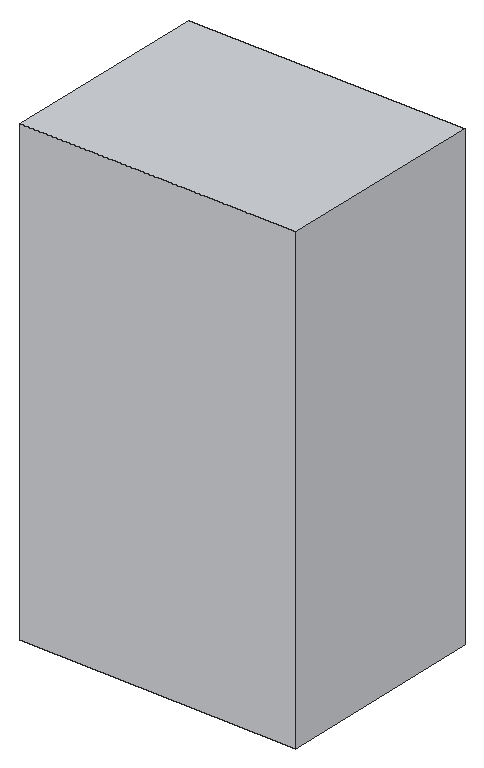
Revit family
Parameters
  Warranty Duration (Years) = 0
  URL = "http://www.americanspecialties.com/viewCategories.cfm"
  Trim Material = Metal - Aluminum
  Test Data = ""
  Specification = "http://www.arcat.com/sdspecs/htm/10810asi.htm"
  SpecWizard = ""
  Send Message = "http://www.arcat.com/users.pl?action=UserEmail&company=American%20Specialties,%20Inc.&coid=30448&rep=139&fax=914-476-0688&mf="
  Sales Information = "http://www.americanspecialties.com/contact"
  Revision = "R1_10-2010"
  Product Properties = "http://www.americanspecialties.com/datasheets/0263-12.pdf"
  Product Data = "http://www.arcat.com/arcatcos/cos30/arc30448.html"
  Model = "As Specified in 10 28 13"
  Manufacturer Website = "http://www.americanspecialties.com/viewCategories.cfm"
  Manufacturer Phone - Toll Free = ""
  Manufacturer Phone = "914-476-9000 "
  Manufacturer Fax = "914-476-0688"
  Manufacturer Address = "441 Saw Mill River Rd., Yonkers, NY 10701"
  Manufacturer = "American Specialties, Inc."
  Maintenance Schedule (Months) = 0
  Keynote = "10 28 13"
  Installation-Fabrication = "http://www.americanspecialties.com/products.cfm"
  Green Building-LEED = ""
  Expected Lifespan (Years) = 0
  Drawn By = "Robert S. Weygant. CSI, CDT, SCIP"  # constant formula
  Description = "Toilet Accessory as Specified in 10 28 13"
  Body Material = Metal - Aluminum
  Default Elevation = 4' - 0"
  Copyright = "©Arcat Inc."
  Construction Details = "http://www.arcat.com/green/clients/leed_data_30448.html"
  Building Codes = "http://www.americanspecialties.com/products.cfm"
  Assembly Code = "C1030210"
Reference planes (in)
  plane 1 "Floor Line": z = 0
  plane 2 "Center (Left/Right)": x = -0.65843
  plane 3: y = 0.08388
  plane 4: x = -3.90843
  plane 5: x = 2.59157
Forms (in)
  Extrusion 1, solid
    sketch origin (-3.65843, -10.3328, -6) x (0, 0, -1) y (1, 0, 0)
      loop
        line (-82, 26) -> (-82, -19.34712) -> (-6, -19.34712) -> (-6, 26) -> (-82, 26)
    from 9 to -25.60721
  Extrusion 2, solid, material "Metal - Aluminum" <- "Body Material"
    sketch origin (-0.65843, -1.25, 0.0625) x (0, 1, 0) y (0, 0, 1)
      loop
        line (1.45888, 0) -> (1.45888, 3.96999)
        arc (1.45888, 3.96999) -> (1.45004, 3.98612) -> (1.43169, 3.98732) r 0.01912
        line (1.43169, 3.98732) -> (1.05702, 3.81261)
        arc (1.05702, 3.81261) -> (1.03196, 3.79139) -> (1.02113, 3.76038) r 0.06243
        line (1.02113, 3.76038) -> (0.81134, 0.76024)
        arc (0.81134, 0.76024) -> (0.64864, 0.44093) -> (0.31408, 0.3125) r 0.5
        line (0.31408, 0.3125) -> (-0.16726, 0.3125)
        arc (-0.16726, 0.3125) -> (-0.25484, 0.27622) -> (-0.29112, 0.18864) r 0.12386
        line (-0.29112, 0.18864) -> (-0.29112, 0) -> (1.45888, 0)
    from -3.25 to 3.25
  Extrusion 3, void
    sketch origin (3.25071, -1.54112, 0.0625) x (1, 0, 0) y (0, 0, 1)
      loop
        line (-6.76214, 4) -> (-6.33952, 0.99291)
        arc (-6.33952, 0.99291) -> (-6.17241, 0.68515) -> (-5.84438, 0.5625) r 0.5
        line (-5.84438, 0.5625) -> (-1.9739, 0.5625)
        arc (-1.9739, 0.5625) -> (-1.64587, 0.68515) -> (-1.47877, 0.99291) r 0.5
        line (-1.47877, 0.99291) -> (-1.05615, 4) -> (-6.76214, 4)
    from -1.75 to -1.06286
  Extrusion 4, void
    sketch origin (3, -1.5, 0) x (1, 0, 0) y (0, 1, 0)
      loop
        line (-6.90843, 0.45888) -> (-7.28343, 0.45888) -> (-7.28343, -0.41612) -> (-6.40843, -0.41612) -> (-6.40843, -0.04112)
        arc (-6.40843, -0.04112) -> (-6.76199, 0.10533) -> (-6.90843, 0.45888) r 0.5
      loop
        arc (-0.40843, 0.45888) -> (-0.55488, 0.10533) -> (-0.90843, -0.04112) r 0.5
        line (-0.90843, -0.04112) -> (-0.90843, -0.41612) -> (-0.03343, -0.41612) -> (-0.03343, 0.45888) -> (-0.40843, 0.45888)
    from 0 to 0.375
  Extrusion 5, solid, material "Metal - Aluminum" <- "Body Material"
    sketch origin (2.51422, -1.13894, -0.23226) x (0, 1, 0) y (0, 0, 1)
      loop
        spline (1.95944, 4) -> (1.92384, 4.19411) -> (1.81948, 4.375) -> (1.65348, 4.53033) -> (1.43713, 4.64952) -> (1.18519, 4.72444) -> (0.91482, 4.75) -> (0.64446, 4.72444) -> (0.39252, 4.64952) -> (0.17617, 4.53033) -> (0.01016, 4.375) -> (-0.0942, 4.19411) -> (-0.12979, 4)
        spline (-0.12979, 4) -> (-0.0942, 3.80589) -> (0.01016, 3.625) -> (0.17617, 3.46967) -> (0.39252, 3.35048) -> (0.64446, 3.27556) -> (0.91482, 3.25) -> (1.18519, 3.27556) -> (1.43713, 3.35048) -> (1.65348, 3.46967) -> (1.81948, 3.625) -> (1.92384, 3.80589) -> (1.95944, 4)
    from -5.42438 to -0.54938
  Revolve 6, solid, material "Metal - Aluminum" <- "Body Material"
    sketch origin (3.37328, 3.59931, 3.70524) x (0, -1, 0) y (1, 0, 0)
      loop
        line (3.51543, -6.92184) -> (3.66895, -6.92184) -> (3.66895, -6.65843) -> (3.71482, -6.65843) -> (3.71482, -6.40843) -> (3.51543, -6.40843) -> (3.51543, -6.92184)
      axis (3.51543, -6.92184) -> (3.51543, -6.40843)
    angle from 0 to 360
  Extrusion 7, solid, material "Metal - Aluminum" <- "Body Material"
    sketch origin (8.51422, -1.13894, -0.23226) x (0, 1, 0) y (0, 0, 1)
      loop
        line (0.31251, 3.12587) -> (1.79625, 3.12587)
        arc (1.79625, 3.12587) -> (2.04286, 3.19092) -> (2.22531, 3.36914) r 0.5
        arc (2.22531, 3.36914) -> (2.39988, 4.00087) -> (2.22531, 4.6326) r 1.23034
        arc (2.22531, 4.6326) -> (2.04286, 4.81082) -> (1.79625, 4.87587) r 0.5
        line (1.79625, 4.87587) -> (0.31251, 4.87587)
        arc (0.31251, 4.87587) -> (0.0659, 4.81082) -> (-0.11655, 4.6326) r 0.5
        arc (-0.11655, 4.6326) -> (-0.29112, 4.00087) -> (-0.11655, 3.36914) r 1.23034
        arc (-0.11655, 3.36914) -> (0.0659, 3.19092) -> (0.31251, 3.12587) r 0.5
    from -11.54938 to -11.42438
  Extrusion 8, void
    sketch origin (3.37328, 0, 0.0625) x (1, 0, 0) y (0, 1, 0)
      loop
        line (-5.99175, 0.49833) -> (-5.99175, -1.00167) -> (-4.74175, -1.00167) -> (-4.74175, 0.49833) -> (-5.99175, 0.49833)
      loop
        line (-1.99175, -1.00167) -> (-1.99175, 0.49833) -> (-3.24175, 0.49833) -> (-3.24175, -1.00167) -> (-1.99175, -1.00167)
      loop
        line (-4.61675, -1.00167) -> (-3.36675, -1.00167) -> (-3.36675, 0.49833) -> (-4.61675, 0.49833) -> (-4.61675, -1.00167)
    from 2.8311 to 4.5811
  Extrusion 9, solid, material "Metal - Aluminum" <- "Body Material"
    sketch origin (-3.95179, 5.38295, 2.37135) x (0, 0, 1) y (0, -1, 0)
      loop
        circle (1.3339, 5.29907) r 0.09463
    from 3.56483 to 6.35204
  Extrusion 10, solid, material "Metal - Aluminum" <- "Body Material"
    sketch origin (-6.31405, 5.38295, 2.37135) x (0, 0, 1) y (0, -1, 0)
      loop
        circle (1.3339, 5.29907) r 0.09463
    from 3.69558 to 5.14775
  Extrusion 11, void
    sketch origin (0, 0, 0) x (1, 0, 0) y (0, 1, 0)
      loop
        line (-2.70388, -0.16612) -> (-2.07888, -0.16612)
        arc (-2.07888, -0.16612) -> (-2.01638, -0.10362) -> (-2.07888, -0.04112) r 0.0625
        line (-2.07888, -0.04112) -> (-2.70388, -0.04112)
        arc (-2.70388, -0.04112) -> (-2.76638, -0.10362) -> (-2.70388, -0.16612) r 0.0625
      loop
        arc (1.38701, -0.16612) -> (1.44951, -0.10362) -> (1.38701, -0.04112) r 0.0625
        line (1.38701, -0.04112) -> (0.76201, -0.04112)
        arc (0.76201, -0.04112) -> (0.69951, -0.10362) -> (0.76201, -0.16612) r 0.0625
        line (0.76201, -0.16612) -> (1.38701, -0.16612)
    from -0.18051 to 1.80939
Cuts and joins
  Extrusion 3, Extrusion 4, Extrusion 8, Extrusion 11 cuts Extrusion 2
  Extrusion 8 cuts Extrusion 5
Dimensions and locks (in)
  aligned and locked: Extrusion 3 to Extrusion 2
  aligned and locked: Extrusion 4 to Extrusion 2
  aligned and locked: Extrusion 4 to level
  aligned and locked: Revolve 6 sketch curve to Revolve 6 sketch curve
  aligned and locked: Extrusion 7 to Revolve 6
  aligned and locked: Extrusion 2 to plane 4
  aligned and locked: Extrusion 2 to plane 5
  aligned and locked: Extrusion 5 to Extrusion 7
